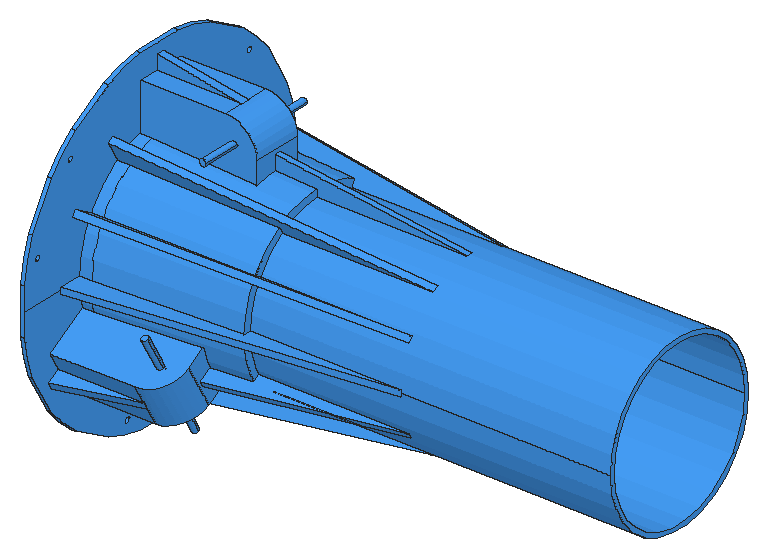
Revit family "H65S REV 0", category Pipe Accessories, Revit 2018
Family settings
  Round Connector Dimension = Use Diameter
  Part Type = Breaks Into
  Work Plane-Based = No
  Always vertical = No
  Cut with Voids When Loaded = No
  Shared = No
Parameters
  URL = "http://www.suresnap.co.uk/"
  Type Comments = ""
  Model = "H65S"
  Manufacturer = "Suresnap Fire Collars UK"
  Description = "SURE SNAP H65S Cast In Device"
  Cut Depth Offset [instance] = -1 * (Cut Depth + 1 mm)  # -1 mm
  Cut Depth [instance] = 0 mm
Reference planes
  plane 1 "Center (Front/Back)": y = 0
  plane 2: z = 0
  plane 3 "Center (Left/Right)": x = 20
  plane 4: x = -230
  plane 5: x = -99.679
  plane 6: y = 90.593
  plane 7: y = -50
  plane 8: y = 100.593
  plane 9: y = -60
  plane 10: x = -99.679
  plane 11: x = -79.975
Forms (mm)
  Revolve 1, solid, material "PVC-Blue", detail levels medium+fine
    sketch origin (0, 0, 0) x (1, 0, 0) y (0, 1, 0)
      loop
        line (21, -39.138) -> (-152, -39.138) -> (-222.776, -46.386) -> (-230, -46.386) -> (-230, -81.386) -> (-227.967, -81.386) -> (-227.967, -48.273) -> (-221.904, -48.273) -> (-152, -44.61) -> (-152, -41.138) -> (21, -41.138) -> (21, -39.138)
      axis (-230, 0) -> (21, 0)
    angle from 0 to 360
  Extrusion 2, void
    sketch origin (-227.967, 0, 0) x (0, 1, 0) y (0, 0, -1)
      loop
        line (-21.601, -80.615) -> (21.601, -80.615) -> (59.014, -59.014) -> (80.615, -21.601) -> (80.615, 21.601) -> (59.014, 59.014) -> (21.601, 80.615) -> (-21.601, 80.615) -> (-59.014, 59.014) -> (-80.615, 21.601) -> (-80.615, -21.601) -> (-59.014, -59.014) -> (-21.601, -80.615)
      loop
        circle (0, 0) r 93.086
    from 0 to 2.033
  Extrusion 3, void
    sketch origin (-227.967, 0, 0) x (0, 1, 0) y (0, 0, -1)
      loop
        circle (53.437, -53.449) r 1.5
      loop
        circle (73.002, -19.569) r 1.5
      loop
        circle (19.569, 73.002) r 1.5
      loop
        circle (-19.553, 73.006) r 1.5
      loop
        circle (-73.006, -19.553) r 1.5
      loop
        circle (-53.449, -53.437) r 1.5
    from 0 to 2.033
  Extrusion 4, solid, material "PVC-Blue", detail levels fine
    sketch origin (0, 0, 0) x (1, 0, 0) y (0, 1, 0)
      loop
        line (-80, -41.131) -> (-227.967, -59.587) -> (-227.967, -48.244) -> (-221.904, -48.244) -> (-152, -44.61) -> (-152, -41.138) -> (-80.051, -41.138)
    from -1.5 to 1.5
  Extrusion 5, solid, material "PVC-Blue", detail levels medium+fine
    sketch origin (0, 0, 0) x (1, 0, 0) y (0, 0, 1)
      loop
        line (-227.967, 69.12) -> (-227.967, 41.138) -> (-171.967, 41.138) -> (-171.967, 54.12)
        arc (-171.967, 54.12) -> (-176.361, 64.727) -> (-186.967, 69.12) r 15
        line (-186.967, 69.12) -> (-227.967, 69.12)
    from -12 to 12
  Extrusion 6, solid, material "PVC-Blue", detail levels fine
    sketch origin (0, 0, 0) x (1, 0, 0) y (0, 0, 1)
      loop
        line (-227.967, 75.943) -> (-227.967, 69.12) -> (-186.967, 69.12) -> (-227.967, 75.943)
    from -2 to 2
  Extrusion 7, solid, material "PVC-Blue", not visible, detail levels fine
    sketch origin (0, 0, 0) x (1, 0, 0) y (0, 0, 1)
      loop
        line (-80, 60.418) -> (-227.967, 86.048) -> (-227.967, 69.12) -> (-80, 60.418)
    from -1.5 to 1.5
  Extrusion 8, solid, material "PVC-Blue", not visible, detail levels fine
    sketch origin (0, 0, 0) x (1, 0, 0) y (0, -0.5, 0.866025)
      loop
        line (-80, 60.418) -> (-227.967, 86.048) -> (-227.967, 69.12) -> (-80, 60.418)
    from -1.5 to 1.5
  Extrusion 9, solid, material "PVC-Blue", not visible, detail levels fine
    sketch origin (0, 0, 0) x (1, 0, 0) y (0, -0.866025, 0.5)
      loop
        line (-80, 60.418) -> (-227.967, 86.048) -> (-227.967, 69.12) -> (-80, 60.418)
    from -1.5 to 1.5
  Extrusion 10, solid, material "PVC-Blue", not visible, detail levels fine
    sketch origin (0, 0, 0) x (0, -1, 0) y (-1, 0, 0)
      loop
        line (60.418, 80) -> (86.048, 227.967) -> (69.12, 227.967) -> (60.418, 80)
    from -1.5 to 1.5
  Extrusion 11, solid, material "PVC-Blue", not visible, detail levels fine
    sketch origin (0, 0, 0) x (1, 0, 0) y (0, -0.866025, -0.5)
      loop
        line (-80, 60.418) -> (-227.967, 86.048) -> (-227.967, 69.12) -> (-80, 60.418)
    from -1.5 to 1.5
  Extrusion 12, solid, material "PVC-Blue", not visible, detail levels fine
    sketch origin (0, 0, 0) x (1, 0, 0) y (0, -0.5, -0.866025)
      loop
        line (-80, 60.418) -> (-227.967, 86.048) -> (-227.967, 69.12) -> (-80, 60.418)
    from -1.5 to 1.5
  Extrusion 13, solid, material "PVC-Blue", not visible, detail levels fine
    sketch origin (0, 0, 0) x (1, 0, 0) y (0, 0, -1)
      loop
        line (-80, 60.418) -> (-227.967, 86.048) -> (-227.967, 69.12) -> (-80, 60.418)
    from -1.5 to 1.5
  Extrusion 14, solid, material "PVC-Blue", not visible, detail levels fine
    sketch origin (0, 0, 0) x (1, 0, 0) y (0, 0.5, -0.866025)
      loop
        line (-80, 60.418) -> (-227.967, 86.048) -> (-227.967, 69.12) -> (-80, 60.418)
    from -1.5 to 1.5
  Extrusion 15, solid, material "PVC-Blue", not visible, detail levels fine
    sketch origin (0, 0, 0) x (1, 0, 0) y (0, 0.866025, -0.5)
      loop
        line (-80, 60.418) -> (-227.967, 86.048) -> (-227.967, 69.12) -> (-80, 60.418)
    from -1.5 to 1.5
  Extrusion 16, solid, material "PVC-Blue", not visible, detail levels fine
    sketch origin (0, 0, 0) x (1, 0, 0) y (0, 1, 0)
      loop
        line (-80, 60.418) -> (-227.967, 86.048) -> (-227.967, 69.12) -> (-80, 60.418)
    from -1.5 to 1.5
  Extrusion 17, solid, material "PVC-Blue", not visible, detail levels fine
    sketch origin (0, 0, 0) x (1, 0, 0) y (0, 0.866025, 0.5)
      loop
        line (-80, 60.418) -> (-227.967, 86.048) -> (-227.967, 69.12) -> (-80, 60.418)
    from -1.5 to 1.5
  Extrusion 18, solid, material "PVC-Blue", not visible, detail levels fine
    sketch origin (0, 0, 0) x (1, 0, 0) y (0, 0.5, 0.866025)
      loop
        line (-80, 60.418) -> (-227.967, 86.048) -> (-227.967, 69.12) -> (-80, 60.418)
    from -1.5 to 1.5
  Extrusion 19, solid, material "PVC-Blue", detail levels fine
    sketch origin (-25.899, 0, -22.494) x (1, 0, 0) y (0, 0, 1)
      loop
        circle (-157.362, 79.878) r 1.5
    from -30 to 30
  Extrusion 20, solid, material "PVC-Blue", detail levels fine
    sketch origin (0, 0, 0) x (1, 0, 0) y (0, 0.866025, -0.5)
      loop
        line (-80, -41.131) -> (-227.967, -59.587) -> (-227.967, -48.244) -> (-221.904, -48.244) -> (-152, -44.61) -> (-152, -41.138) -> (-80.051, -41.138)
    from -1.5 to 1.5
  Extrusion 21, solid, material "PVC-Blue", detail levels fine
    sketch origin (0, 0, 0) x (1, 0, 0) y (0, 0.5, -0.866025)
      loop
        line (-80, -41.131) -> (-227.967, -59.587) -> (-227.967, -48.244) -> (-221.904, -48.244) -> (-152, -44.61) -> (-152, -41.138) -> (-80.051, -41.138)
    from -1.5 to 1.5
  Extrusion 22, solid, material "PVC-Blue", detail levels fine
    sketch origin (0, 0, 0) x (1, 0, 0) y (0, 0, -1)
      loop
        line (-80, -41.131) -> (-227.967, -59.587) -> (-227.967, -48.244) -> (-221.904, -48.244) -> (-152, -44.61) -> (-152, -41.138) -> (-80.051, -41.138)
    from -1.5 to 1.5
  Extrusion 23, solid, material "PVC-Blue", detail levels fine
    sketch origin (0, 0, 0) x (1, 0, 0) y (0, -0.5, -0.866025)
      loop
        line (-80, -41.131) -> (-227.967, -59.587) -> (-227.967, -48.244) -> (-221.904, -48.244) -> (-152, -44.61) -> (-152, -41.138) -> (-80.051, -41.138)
    from -1.5 to 1.5
  Extrusion 24, solid, material "PVC-Blue", detail levels fine
    sketch origin (0, 0, 0) x (1, 0, 0) y (0, -0.866025, -0.5)
      loop
        line (-80, -41.131) -> (-227.967, -59.587) -> (-227.967, -48.244) -> (-221.904, -48.244) -> (-152, -44.61) -> (-152, -41.138) -> (-80.051, -41.138)
    from -1.5 to 1.5
  Extrusion 25, solid, material "PVC-Blue", detail levels fine
    sketch origin (0, 0, 0) x (0, -1, 0) y (-1, 0, 0)
      loop
        line (-41.131, 80) -> (-59.587, 227.967) -> (-48.244, 227.967) -> (-48.244, 221.904) -> (-44.61, 152) -> (-41.138, 152) -> (-41.138, 80.051)
    from -1.5 to 1.5
  Extrusion 26, solid, material "PVC-Blue", detail levels fine
    sketch origin (0, 0, 0) x (1, 0, 0) y (0, -0.866025, 0.5)
      loop
        line (-80, -41.131) -> (-227.967, -59.587) -> (-227.967, -48.244) -> (-221.904, -48.244) -> (-152, -44.61) -> (-152, -41.138) -> (-80.051, -41.138)
    from -1.5 to 1.5
  Extrusion 27, solid, material "PVC-Blue", detail levels fine
    sketch origin (0, 0, 0) x (1, 0, 0) y (0, -0.5, 0.866025)
      loop
        line (-80, -41.131) -> (-227.967, -59.587) -> (-227.967, -48.244) -> (-221.904, -48.244) -> (-152, -44.61) -> (-152, -41.138) -> (-80.051, -41.138)
    from -1.5 to 1.5
  Extrusion 28, solid, material "PVC-Blue", detail levels fine
    sketch origin (0, 0, 0) x (1, 0, 0) y (0, 0, 1)
      loop
        line (-80, -41.131) -> (-227.967, -59.587) -> (-227.967, -48.244) -> (-221.904, -48.244) -> (-152, -44.61) -> (-152, -41.138) -> (-80.051, -41.138)
    from -1.5 to 1.5
  Extrusion 29, solid, material "PVC-Blue", detail levels fine
    sketch origin (0, 0, 0) x (1, 0, 0) y (0, 0.5, 0.866025)
      loop
        line (-80, -41.131) -> (-227.967, -59.587) -> (-227.967, -48.244) -> (-221.904, -48.244) -> (-152, -44.61) -> (-152, -41.138) -> (-80.051, -41.138)
    from -1.5 to 1.5
  Extrusion 30, solid, material "PVC-Blue", detail levels fine
    sketch origin (0, 0, 0) x (1, 0, 0) y (0, 0.866025, 0.5)
      loop
        line (-80, -41.131) -> (-227.967, -59.587) -> (-227.967, -48.244) -> (-221.904, -48.244) -> (-152, -44.61) -> (-152, -41.138) -> (-80.051, -41.138)
    from -1.5 to 1.5
  Extrusion 31, solid, material "PVC-Blue", detail levels medium+fine
    sketch origin (0, 0, 0) x (1, 0, 0) y (0, 0.866025, -0.5)
      loop
        line (-227.967, 69.12) -> (-227.967, 41.138) -> (-171.967, 41.138) -> (-171.967, 54.12)
        arc (-171.967, 54.12) -> (-176.361, 64.727) -> (-186.967, 69.12) r 15
        line (-186.967, 69.12) -> (-227.967, 69.12)
    from -12 to 12
  Extrusion 32, solid, material "PVC-Blue", detail levels fine
    sketch origin (0, 0, 0) x (1, 0, 0) y (0, 0.866025, -0.5)
      loop
        line (-227.967, 75.943) -> (-227.967, 69.12) -> (-186.967, 69.12) -> (-227.967, 75.943)
    from -2 to 2
  Extrusion 33, solid, material "PVC-Blue", detail levels fine
    sketch origin (-25.899, -19.481, 11.247) x (1, 0, 0) y (0, 0.866025, -0.5)
      loop
        circle (-157.362, 79.878) r 1.5
    from -30 to 30
  Extrusion 34, solid, material "PVC-Blue", detail levels medium+fine
    sketch origin (0, 0, 0) x (1, 0, 0) y (0, -0.866025, -0.5)
      loop
        line (-227.967, 69.12) -> (-227.967, 41.138) -> (-171.967, 41.138) -> (-171.967, 54.12)
        arc (-171.967, 54.12) -> (-176.361, 64.727) -> (-186.967, 69.12) r 15
        line (-186.967, 69.12) -> (-227.967, 69.12)
    from -12 to 12
  Extrusion 35, solid, material "PVC-Blue", detail levels fine
    sketch origin (0, 0, 0) x (1, 0, 0) y (0, -0.866025, -0.5)
      loop
        line (-227.967, 75.943) -> (-227.967, 69.12) -> (-186.967, 69.12) -> (-227.967, 75.943)
    from -2 to 2
  Extrusion 36, solid, material "PVC-Blue", detail levels fine
    sketch origin (-25.899, 19.481, 11.247) x (1, 0, 0) y (0, -0.866025, -0.5)
      loop
        circle (-157.362, 79.878) r 1.5
    from -30 to 30
  Extrusion 37, void
    sketch origin (21, 0, 0) x (0, -1, 0) y (0, 0, -1)
      loop
        circle (0, 0) r 50.359
    from 0 to -1 <- "Cut Depth Offset"
Cuts and joins
  Extrusion 2, Extrusion 3, Extrusion 37 cuts Revolve 1
Dimensions and locks
  plane 4 to plane 3 "Center (Left/Right)" = 250 mm
  Extrusion 7 sketch curve to Extrusion 7 sketch curve = 0 mm
  Extrusion 8 sketch curve to Extrusion 8 sketch curve = 0 mm
  Extrusion 9 sketch curve to Extrusion 9 sketch curve = 0 mm
  Extrusion 10 sketch curve to Extrusion 10 sketch curve = 0 mm
  Extrusion 11 sketch curve to Extrusion 11 sketch curve = 0 mm
  Extrusion 12 sketch curve to Extrusion 12 sketch curve = 0 mm
  Extrusion 13 sketch curve to Extrusion 13 sketch curve = 0 mm
  Extrusion 14 sketch curve to Extrusion 14 sketch curve = 0 mm
  Extrusion 15 sketch curve to Extrusion 15 sketch curve = 0 mm
  Extrusion 16 sketch curve to Extrusion 16 sketch curve = 0 mm
  Extrusion 17 sketch curve to Extrusion 17 sketch curve = 0 mm
  Extrusion 18 sketch curve to Extrusion 18 sketch curve = 0 mm
  aligned and locked: level to plane 2
  aligned and locked: plane 1 "Center (Front/Back)" to Revolve 1 sketch curve
Connectors
  piping at (-99.679, 0, 0), diameter 65
    settings: on plane 10, index 4, connector inside diameter 609.6 mm, connector length 0 mm, flow factor 0, pipe flow 0.0 L/s, pressure drop 0.0 Pa, fitting loss kfactor 0, connector angle 0.00°, fixture units 0, engagement length 0 mm, angle of deflection 0.00°, flow configuration 0, flow direction 0, fitting loss method 0, system type 7, joint type 0, gender type 0, connector reference index -1, connector utility 0, adjustable connector no, is connector primary yes, connector description ""
  piping at (-99.679, 0, 0), diameter 65
    settings: on plane 5, index 5, connector inside diameter 609.6 mm, connector length 0 mm, flow factor 0, pipe flow 0.0 L/s, pressure drop 0.0 Pa, fitting loss kfactor 0, connector angle 0.00°, fixture units 0, engagement length 0 mm, angle of deflection 0.00°, flow configuration 0, flow direction 0, fitting loss method 0, system type 7, joint type 0, gender type 0, connector reference index -1, connector utility 0, adjustable connector no, is connector primary no, connector description ""
